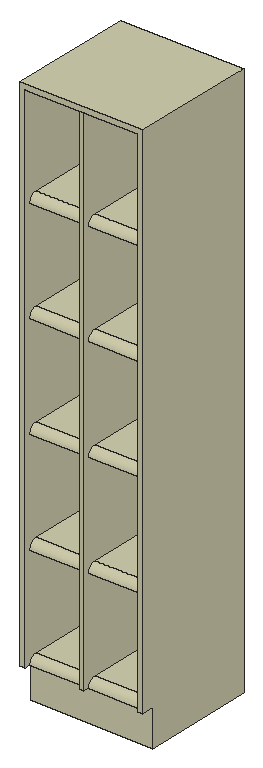
Revit family "Wenger Cabinet 21", category Furniture, Revit 2011
Parameters (values of type "Standard Cabinet #21")
  URL = "http://www.wengercorp.com/Home/Contact.html"
  Toekick Material [instance] = none
  RH End Panel [instance] = no
  Model = "21"
  Manufacturer = "Wenger Corporation"
  LH End Panel [instance] = no
  End Panel Material [instance] = none
  Edge Banding Material [instance] = none
  Door Material [instance] = none
  Description = "Standard Cabinet #21"
  Cabinet Width = 1' - 6 3/4"
  Cabinet Label = Labels : Standard
  Cabinet Height = 7' - 1 5/8"
  Cabinet Depth = 1' - 7 1/4"
  Cabinet Back Thickness = 0' - 0 3/4"
  Assembly Code = ""
Types (4): name | Model | Description | Cabinet Width | Cabinet Label | Cabinet Depth | Cabinet Back Thickness
  Standard Cabinet #21 | "21" | "Standard Cabinet #21" | 1' - 6 3/4" | Labels : Standard | 1' - 7 1/4" | 0' - 0 3/4"
  Acoustic Cabinet #21 | "21A" | "Acoustic Cabinet #21" | 1' - 6 3/4" | Labels : Acoustic | 1' - 9 3/4" | 0' - 3 1/4"
  Narrow Acoustic Cabinet #21 | "21NA" | "Narrow Acoustic Cabinet #21" | 1' - 2 3/4" | Labels : Narrow Acoustic | 1' - 9 3/4" | 0' - 3 1/4"
  Narrow Cabinet #21 | "21N" | "Narrow Cabinet #21" | 1' - 2 3/4" | Labels : Narrow | 1' - 7 1/4" | 0' - 0 3/4"
Reference planes (in)
  plane 1 "Front": y = 0
  plane 2: z = 0
  plane 3 "Left": x = 0
  plane 4 "Right": x = 18.75
  plane 5 "Back": y = 19.25
  plane 6 "Top": z = 85.625
  plane 7: z = 5.625
  plane 8: z = 21.475
  plane 9: z = 37.325
  plane 10: z = 53.175
  plane 11: z = 69.025
  plane 12: x = 0.75
  plane 13: x = 18
  plane 14: z = 84.875
  plane 15: x = 9
  plane 16: x = 9.75
  plane 17: y = 18.5
  plane 18: y = 2
  plane 19: y = 0.75
  plane 20: z = 22.6
  plane 21: z = 38.45
  plane 22: z = 54.3
  plane 23: z = 70.15
  plane 24: z = 6.75
Forms (in)
  Extrusion 1, solid, material "Wenger - Oyster"
    sketch origin (0, 0, 0) x (0, 1, 0) y (0, 0, 1)
      loop
        line (0, 85.625) -> (0, 5.625) -> (2, 5.625) -> (2, 0) -> (19.25, 0) -> (19.25, 85.625) -> (0, 85.625)
    from 0 to 18.75
  Extrusion 2, void
    sketch origin (0, 0, 0) x (0, 1, 0) y (0, 0, 1)
      loop
        line (-5.5, 84.875) -> (-5.5, 5.625) -> (0.75, 5.625)
        arc (0.75, 5.625) -> (1.18296, 6.40088) -> (2, 6.75) r 1.375
        line (2, 6.75) -> (18.5, 6.75) -> (18.5, 21.475) -> (0.75, 21.475)
        arc (0.75, 21.475) -> (1.18296, 22.25088) -> (2, 22.6) r 1.375
        line (2, 22.6) -> (18.5, 22.6) -> (18.5, 37.325) -> (0.75, 37.325)
        arc (0.75, 37.325) -> (1.18296, 38.10088) -> (2, 38.45) r 1.375
        line (2, 38.45) -> (18.5, 38.45) -> (18.5, 53.175) -> (0.75, 53.175)
        arc (0.75, 53.175) -> (1.18296, 53.95088) -> (2, 54.3) r 1.375
        line (2, 54.3) -> (18.5, 54.3) -> (18.5, 69.025) -> (0.75, 69.025)
        arc (0.75, 69.025) -> (1.18296, 69.80088) -> (2, 70.15) r 1.375
        line (2, 70.15) -> (18.5, 70.15) -> (18.5, 84.875) -> (-5.5, 84.875)
    from 0.75 to 9
  Extrusion 3, void
    sketch origin (0, 0, 0) x (0, 1, 0) y (0, 0, 1)
      loop
        line (-5.5, 84.875) -> (-5.5, 5.625) -> (0.75, 5.625)
        arc (0.75, 5.625) -> (1.18296, 6.40088) -> (2, 6.75) r 1.375
        line (2, 6.75) -> (18.5, 6.75) -> (18.5, 21.475) -> (0.75, 21.475)
        arc (0.75, 21.475) -> (1.18296, 22.25088) -> (2, 22.6) r 1.375
        line (2, 22.6) -> (18.5, 22.6) -> (18.5, 37.325) -> (0.75, 37.325)
        arc (0.75, 37.325) -> (1.18296, 38.10088) -> (2, 38.45) r 1.375
        line (2, 38.45) -> (18.5, 38.45) -> (18.5, 53.175) -> (0.75, 53.175)
        arc (0.75, 53.175) -> (1.18296, 53.95088) -> (2, 54.3) r 1.375
        line (2, 54.3) -> (18.5, 54.3) -> (18.5, 69.025) -> (0.75, 69.025)
        arc (0.75, 69.025) -> (1.18296, 69.80088) -> (2, 70.15) r 1.375
        line (2, 70.15) -> (18.5, 70.15) -> (18.5, 84.875) -> (-5.5, 84.875)
    from 9.75 to 18
  Extrusion 4, void
    sketch origin (0, 0, 0) x (0, 1, 0) y (0, 0, 1)
      loop
        line (0, 84.875) -> (0, 5.625) -> (0.0625, 5.625) -> (0.0625, 84.875) -> (0, 84.875)
    from 0.75 to 18
Cuts and joins
  Extrusion 2, Extrusion 3, Extrusion 4 cuts Extrusion 1
Lines and regions (in)
  symbolic lines
    curve 1: line (0, 19.25, 0) -> (18.75, 19.25, 0)
    curve 2: line (0, 0, 0) -> (0, 19.25, 0)
    curve 3: line (18.75, 0, 0) -> (0, 0, 0)
    curve 4: line (18.75, 19.25, 0) -> (18.75, 0, 0)
Text (in)
  text "01" at (13.28235, 0, 97.09414), in view "Front"
Dimensions and locks (in)
  locked: plane 3 "Left" to plane 12 at 0.75
  locked: plane 15 to plane 16 at 0.75
  locked: plane 13 to plane 4 "Right" at 0.75
  "Cabinet Back Thickness": plane 5 "Back" to plane 17
  locked: plane 1 "Front" to plane 19 at 0.75
  locked: plane 1 "Front" to plane 18 at 2
  locked: plane 20 to plane 8 at 1.125
  locked: plane 21 to plane 9 at 1.125
  locked: plane 22 to plane 10 at 1.125
  locked: plane 23 to plane 11 at 1.125
  locked: plane 6 "Top" to plane 14 at 0.75
  equal spacing: plane 14, plane 11, plane 10, plane 9, plane 8, plane 7
  locked: plane 24 to plane 7 at 1.125
  equal spacing: plane 13, plane 15, plane 3 "Left"
  "Cabinet Width": plane 3 "Left" to plane 4 "Right"
  locked: plane 7 to level at 5.625
  "Cabinet Height": plane 6 "Top" to level
  "Cabinet Depth": plane 1 "Front" to plane 5 "Back"
  plane 12 to plane 13 = 1' - 5 1/4"
  plane 14 to plane 7 = 6' - 7 1/4"
  aligned and locked: Extrusion 1 sketch curve to plane 6 "Top"
  aligned and locked: Extrusion 1 sketch curve to plane 5 "Back"
  aligned and locked: Extrusion 1 sketch curve to plane 1 "Front"
  aligned and locked: Extrusion 1 sketch curve to plane 7
  aligned and locked: Extrusion 1 sketch curve to plane 18
  aligned and locked: Extrusion 1 sketch curve to level
  aligned and locked: Extrusion 1 to plane 4 "Right"
  aligned and locked: Extrusion 1 to plane 3 "Left"
  aligned and locked: Extrusion 2 sketch curve to plane 14
  aligned and locked: Extrusion 2 sketch curve to plane 17
  aligned and locked: Extrusion 2 sketch curve to plane 11
  aligned and locked: Extrusion 2 sketch curve to plane 22
  aligned and locked: Extrusion 2 sketch curve to plane 10
  aligned and locked: Extrusion 2 sketch curve to plane 21
  aligned and locked: Extrusion 2 sketch curve to plane 9
  aligned and locked: Extrusion 2 sketch curve to plane 20
  aligned and locked: Extrusion 2 sketch curve to plane 8
  aligned and locked: Extrusion 2 sketch curve to plane 24
  aligned and locked: Extrusion 2 sketch curve to plane 23
  aligned and locked: Extrusion 2 to plane 12
  aligned and locked: plane 15 to Extrusion 2
  aligned and locked: Extrusion 3 to plane 13
  aligned and locked: Extrusion 4 sketch curve to cut or joined group of Extrusion 1, Extrusion 2, Extrusion 3, Extrusion 4  (x3)
  aligned and locked: Extrusion 4 to plane 13
  aligned and locked: Extrusion 4 to plane 12
  aligned and locked: plane 3 "Left" to curve 2
  aligned and locked: curve 1 to plane 5 "Back"
  aligned and locked: plane 4 "Right" to curve 4
  aligned and locked: curve 3 to plane 1 "Front"
  aligned and locked: Extrusion 3 to plane 16
Automatic sketch dimensions
  Extrusion 2 sketch curve to plane 7 = 0' - 0"
  Extrusion 2 sketch curve to plane 19 = 0' - 0"  (x5)
  Extrusion 2 sketch curve to plane 18 = 0' - 0"  (x5)
  Extrusion 2 sketch curve to plane 17 = 0' - 0"  (x4)
  plane 1 "Front" to Extrusion 2 sketch curve = 0' - 5 1/2"
  Extrusion 2 sketch curve to plane 18 = 0' - 0.10279"  (x5)
  Extrusion 3 sketch curve to plane 14 = 0' - 0"
  Extrusion 3 sketch curve to plane 7 = 0' - 0"
  Extrusion 3 sketch curve to plane 19 = 0' - 0"  (x5)
  Extrusion 3 sketch curve to plane 11 = 0' - 0"
  Extrusion 3 sketch curve to plane 8 = 0' - 0"
  Extrusion 3 sketch curve to plane 10 = 0' - 0"
  Extrusion 3 sketch curve to plane 9 = 0' - 0"
  Extrusion 3 sketch curve to plane 18 = 0' - 0"  (x5)
  Extrusion 3 sketch curve to plane 17 = 0' - 0"  (x5)
  Extrusion 3 sketch curve to plane 24 = 0' - 0"
  Extrusion 3 sketch curve to plane 20 = 0' - 0"
  Extrusion 3 sketch curve to plane 21 = 0' - 0"
  Extrusion 3 sketch curve to plane 22 = 0' - 0"
  Extrusion 3 sketch curve to plane 23 = 0' - 0"
  plane 1 "Front" to Extrusion 3 sketch curve = 0' - 5 1/2"
  Extrusion 3 sketch curve to plane 18 = 0' - 0.10279"  (x5)
  plane 19 to Extrusion 4 sketch curve = 0' - 0 11/16"
Nested families (in)
  nested 1: "LH End Panel" at (0, 4.25, 0) x (0, -1, 0) z (0, 0, 1), End Panel Material <- "End Panel Material", visible <- "LH End Panel", Edge Banding Material <- "Edge Banding Material", type "20x84 LH"
    with End Panel Material none, Edge Banding Material none
  nested 2: "RH End Panel" at (19.5, 4.25, 0) x (0, -1, 0) z (0, 0, 1), End Panel Material <- "End Panel Material", visible <- "RH End Panel", Edge Banding Material <- "Edge Banding Material", type "20x84 RH"
    with End Panel Material none, Edge Banding Material none
  nested 3: "Labels" at (7, 11.60991, 0) x (0, 1, 0) z (0, 0, 1), type <- "Cabinet Label", type "Standard"
  nested 4: "Front Note" at (7.375, 0.36069, 0), type "Front Note", detail levels medium+fine
Definition of nested family "LH End Panel"
  Parameters (values of type "20x84 LH")
    End Panel Material [instance] = none
    End Panel Height = 7' - 1 5/8"
    End Panel Depth = 1' - 7 1/4"
    Edge Banding Material [instance] = none
    Default Elevation = 4' - 0"
    Assembly Code = ""
  Reference planes (in)
    plane 1 "Center (Front/Back)": y = 0
    plane 2: z = 0
    plane 3 "Center (Left/Right)": x = 0
    plane 4: x = -15
    plane 5: x = 4.25
    plane 6: z = 5.625
    plane 7: x = 2.25
    plane 8: z = 85.625
    plane 9: y = -0.75
  Forms (in)
    Extrusion 1, solid, material <- "End Panel Material"
      sketch origin (0, 0, 0) x (1, 0, 0) y (0, 0, 1)
        loop
          line (-15, 85.625) -> (-15, 0) -> (2.25, 0) -> (2.25, 5.625) -> (4.25, 5.625) -> (4.25, 85.625) -> (-15, 85.625)
      from 0 to 0.75
  Dimensions and locks (in)
    locked: plane 7 to plane 5 at 2
    locked: plane 6 to level at 5.625
    "End Panel Height": plane 8 to level
    "End Panel Depth": plane 5 to plane 4
    locked: plane 9 to plane 1 "Center (Front/Back)" at 0.75
    aligned and locked: plane 4 to Extrusion 1 sketch curve
    aligned and locked: level to Extrusion 1 sketch curve
    aligned and locked: plane 7 to Extrusion 1 sketch curve
    aligned and locked: plane 6 to Extrusion 1 sketch curve
    aligned and locked: Extrusion 1 sketch curve to plane 5
    aligned and locked: Extrusion 1 sketch curve to plane 8
    aligned and locked: Extrusion 1 to plane 9
    aligned and locked: Extrusion 1 to plane 1 "Center (Front/Back)"
Definition of nested family "RH End Panel"
  Parameters (values of type "20x84 RH")
    End Panel Material [instance] = none
    End Panel Height = 7' - 1 5/8"
    End Panel Depth = 1' - 7 1/4"
    Edge Banding Material [instance] = none
    Default Elevation = 4' - 0"
    Assembly Code = ""
  Reference planes (in)
    plane 1 "Center (Front/Back)": y = 0
    plane 2: z = 0
    plane 3 "Center (Left/Right)": x = 0
    plane 4: x = -15
    plane 5: x = 4.25
    plane 6: z = 5.625
    plane 7: x = 2.25
    plane 8: z = 85.625
    plane 9: y = -0.75
  Forms (in)
    Extrusion 1, solid, material <- "End Panel Material"
      sketch origin (0, 0, 0) x (1, 0, 0) y (0, 0, 1)
        loop
          line (-15, 85.625) -> (-15, 0) -> (2.25, 0) -> (2.25, 5.625) -> (4.25, 5.625) -> (4.25, 85.625) -> (-15, 85.625)
      from 0 to 0.75
  Dimensions and locks (in)
    locked: plane 7 to plane 5 at 2
    locked: plane 6 to level at 5.625
    "End Panel Height": plane 8 to level
    "End Panel Depth": plane 5 to plane 4
    locked: plane 9 to plane 1 "Center (Front/Back)" at 0.75
    aligned and locked: plane 4 to Extrusion 1 sketch curve
    aligned and locked: level to Extrusion 1 sketch curve
    aligned and locked: plane 7 to Extrusion 1 sketch curve
    aligned and locked: plane 6 to Extrusion 1 sketch curve
    aligned and locked: Extrusion 1 sketch curve to plane 5
    aligned and locked: Extrusion 1 sketch curve to plane 8
    aligned and locked: Extrusion 1 to plane 9
    aligned and locked: Extrusion 1 to plane 1 "Center (Front/Back)"
Definition of nested family "Labels"
  Parameters (values of type "Standard")
    Cabinet Label = "01"
  Types (4): name | Cabinet Label
    Standard | "01"
    Narrow | "01N"
    Narrow Acoustic | "01NA"
    Acoustic | "01A"
  Reference planes (in)
    plane 1: y = 0
    plane 2: x = 0
  Text (in)
    label "xxxx" at (-0.00018, 0.00754, 0), shows "Cabinet Label"
Definition of nested family "Front Note"
  Parameters (values of type "Front Note")
    Cabinet Label = "Front"
  Reference planes (in)
    plane 1: y = 0
    plane 2: x = 0
  Text (in)
    label "Front" at (-0.00018, 0.00754, 0), shows "Cabinet Label"
